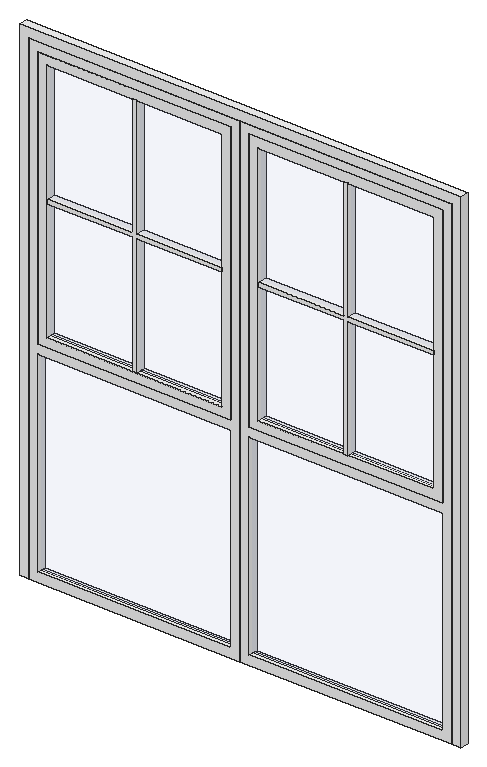
Revit family "GNW_A3-AL02-2200mm", category Doors, host Wall, Revit 2016
Family settings
  Host = Wall
  Always vertical = Yes
  Cut with Voids When Loaded = No
  Shared = No
  Room Calculation Point = No
Parameters (values of type "AL02")
  Function = Interior
  Frame Projection Ext. = 25 mm
  Frame Projection Int. = 25 mm
  Frame Width = 75 mm
  Height = 2465 mm
  Wall Closure = By host
  Width = 2200 mm
  Construction Type = "AL02"
  Bumper Rail Height = 1020 mm
  Assembly Code = ""
Reference planes
  plane 1: y = 0
  plane 2 "Center (Left/Right)": x = 0
  plane 3 "Left": x = -1100
  plane 4 "Right": x = 1100
  plane 5: z = 2465
  plane 6 "Exterior": y = 172.5
  plane 7 "Interior": y = -172.5
  plane 8: z = 1020
  plane 9: z = 1232.5
Forms (mm)
  Extrusion 1, solid, material "Aluminium"
    sketch origin (0, 172.5, 0) x (1, 0, 0) y (0, 0, 1)
      loop
        line (1100, 2465) -> (-1100, 2465) -> (-1100, 0) -> (-1055, 0) -> (-1055, 2420) -> (1055, 2420) -> (1055, 0) -> (1100, 0) -> (1100, 2465)
    from 0 to 45
  Extrusion 2, solid, material "Aluminium"
    sketch origin (0, 172.5, 0) x (1, 0, 0) y (0, 0, 1)
      loop
        line (1055, 2420) -> (0, 2420) -> (0, 0) -> (1055, 0) -> (1055, 2420)
      loop
        line (1010, 1065) -> (1010, 2375) -> (45, 2375) -> (45, 1065) -> (1010, 1065)
      loop
        line (1010, 45) -> (1010, 1020) -> (45, 1020) -> (45, 45) -> (1010, 45)
    from 0 to 45
  Extrusion 3, solid, material "Aluminium"
    sketch origin (0, 172.5, 0) x (-1, 0, 0) y (0, 0, -1)
      loop
        line (1055, -2420) -> (1055, 0) -> (0, 0) -> (0, -2420) -> (1055, -2420)
      loop
        line (1010, -1065) -> (45, -1065) -> (45, -2375) -> (1010, -2375) -> (1010, -1065)
      loop
        line (1010, -45) -> (45, -45) -> (45, -1020) -> (1010, -1020) -> (1010, -45)
    from 0 to 45
  Extrusion 4, solid, material "Glass"
    sketch origin (0, 172.5, 0) x (1, 0, 0) y (0, 0, 1)
      loop
        line (965, 2330) -> (90, 2330) -> (90, 1110) -> (965, 1110) -> (965, 2330)
      loop
        line (-90, 2330) -> (-965, 2330) -> (-965, 1110) -> (-90, 1110) -> (-90, 2330)
      loop
        line (1010, 1020) -> (45, 1020) -> (45, 45) -> (1010, 45) -> (1010, 1020)
      loop
        line (-45, 1020) -> (-1010, 1020) -> (-1010, 45) -> (-45, 45) -> (-45, 1020)
    from 17.5 to 27.5
  Extrusion 5, solid, material "Aluminium"
    sketch origin (0, 172.5, 0) x (1, 0, 0) y (0, 0, 1)
      loop
        line (1010, 2375) -> (45, 2375) -> (45, 1065) -> (1010, 1065) -> (1010, 2375)
      loop
        line (-45, 2375) -> (-1010, 2375) -> (-1010, 1065) -> (-45, 1065) -> (-45, 2375)
      loop
        line (965, 2330) -> (90, 2330) -> (90, 1110) -> (965, 1110) -> (965, 2330)
      loop
        line (-90, 2330) -> (-965, 2330) -> (-965, 1110) -> (-90, 1110) -> (-90, 2330)
    from 0 to 45
  Extrusion 6, solid, material "Aluminium"
    sketch origin (527.5, 127.5, -22.5) x (-1, 0, 0) y (0, 0, 1)
      loop
        line (-10, 2352.5) -> (-10, 1752.5) -> (-437.5, 1752.5) -> (-437.5, 1732.5) -> (-10, 1732.5) -> (-10, 1132.5) -> (10, 1132.5) -> (10, 1732.5) -> (437.5, 1732.5) -> (437.5, 1752.5) -> (10, 1752.5) -> (10, 2352.5) -> (-10, 2352.5)
      loop
        line (1045, 2352.5) -> (1045, 1752.5) -> (617.5, 1752.5) -> (617.5, 1732.5) -> (1045, 1732.5) -> (1045, 1132.5) -> (1065, 1132.5) -> (1065, 1732.5) -> (1492.5, 1732.5) -> (1492.5, 1752.5) -> (1065, 1752.5) -> (1065, 2352.5) -> (1045, 2352.5)
    from 0 to 45
Lines and regions (mm)
  Opening 1
    outline origin (-3050, -172.5, 0) x (1, 0, 0) y (0, 0, 1)
      loop
        line (1950, 0) -> (4150, 0) -> (4150, 2465) -> (1950, 2465) -> (1950, 0)
  symbolic lines, style "DoorsHiddenLines"
    curve 1: line (0, -172.5, 1232.5) -> (-1100, -172.5, 0)
    curve 2: line (0, 172.5, 1232.5) -> (-1100, 172.5, 2465)
    curve 3: line (0, -172.5, 1232.5) -> (1100, -172.5, 0)
    curve 4: line (0, 172.5, 1232.5) -> (1100, 172.5, 2465)
    curve 5: line (1010, 172.5, 2375) -> (527.5, 172.5, 1110)
    curve 6: arc (0, 172.5, 0) -> (1063.697, 1272.536, 0) -> (2127.395, 172.5, 0) r 1064.298
    curve 7: arc (0, 172.5, 0) -> (-1063.697, 1272.536, 0) -> (-2127.395, 172.5, 0) r 1064.298
    curve 14: line (45, 172.5, 2375) -> (527.5, 172.5, 1110)
    curve 15: line (-1010, 172.5, 2375) -> (-527.5, 172.5, 1110)
    curve 16: line (-45, 172.5, 2375) -> (-527.5, 172.5, 1110)
    curve 17: line (-1100, -172.5, 0) -> (1100, -172.5, 0)
  symbolic lines, style "Plan Swing"
    curve 8: line (-1100, 150, 0) -> (-1100, 1271.916, 0)
    curve 9: line (1100, 172.5, 0) -> (1100, 1271.916, 0)
    curve 10: line (1055, 172.5, 0) -> (1055, 1271.916, 0)
    curve 11: line (-1055, 150, 0) -> (-1055, 1271.916, 0)
    curve 12: line (-1100, 1271.916, 0) -> (-1055, 1271.916, 0)
    curve 13: line (1055, 1271.916, 0) -> (1100, 1271.916, 0)
Text (mm)
  text "Exterior" at (-2295.016, 1099.543, 0), in view "Ref. Level"
  text "Exterior" at (0, 1615.38, 3698.081), in view "Left"
  text "Exterior" at (0, 1036.032, 3874.932), in view "Right"
Dimensions and locks
  equal spacing: plane 3 "Left", plane 2 "Center (Left/Right)", plane 4 "Right"
  "Width": plane 3 "Left" to plane 4 "Right"
  "Height": plane 5 to host wall
  equal spacing: host wall, curve 1, plane 5
  equal spacing: host wall, curve 2, plane 5
  locked: plane 6 "Exterior" to host wall at 0
  locked: plane 7 "Interior" to host wall
  "Bumper Rail Height": level to plane 8
  equal spacing: level, plane 9, plane 5
  aligned and locked: plane 3 "Left" to Opening 1 sketch curve
  aligned and locked: plane 5 to Opening 1 sketch curve  (x2)
  aligned and locked: Opening 1 sketch curve to plane 4 "Right"
  aligned and locked: Opening 1 sketch curve to level
  aligned and locked: plane 3 "Left" to curve 1
  aligned and locked: plane 1 to host wall
  aligned: Extrusion 4 to Extrusion 6  (x4)
Automatic sketch dimensions
  curve 2 to plane 3 "Left" = 0 mm
  curve 2 to plane 5 = 0 mm
  curve 1 to level = 0 mm
  curve 2 to plane 2 "Center (Left/Right)" = 0 mm
  curve 1 to plane 2 "Center (Left/Right)" = 0 mm
  curve 3 to plane 2 "Center (Left/Right)" = 0 mm
  curve 3 to level = 0 mm
  curve 3 to plane 4 "Right" = 0 mm
  curve 3 to plane 9 = 0 mm
  curve 4 to plane 4 "Right" = 0 mm
  curve 4 to plane 2 "Center (Left/Right)" = 0 mm
  curve 4 to plane 9 = 0 mm
  curve 4 to plane 5 = 0 mm
  Extrusion 1 sketch curve to level = 0 mm  (x2)
  Extrusion 1 sketch curve to plane 3 "Left" = 0 mm
  Extrusion 1 sketch curve to plane 4 "Right" = 0 mm
  Extrusion 1 sketch curve to plane 5 = 0 mm
  Extrusion 1 sketch curve to plane 3 "Left" = 45 mm
  Extrusion 1 sketch curve to Extrusion 1 sketch curve = 45 mm
  plane 5 to Extrusion 1 sketch curve = 45 mm
  Extrusion 2 sketch curve to plane 2 "Center (Left/Right)" = 0 mm
  Extrusion 2 sketch curve to level = 0 mm
  plane 2 "Center (Left/Right)" to Extrusion 2 sketch curve = 45 mm
  Extrusion 2 sketch curve to Extrusion 2 sketch curve = 0 mm  (x2)
  Extrusion 2 sketch curve to plane 8 = 0 mm
  plane 4 "Right" to Extrusion 2 sketch curve = 90 mm
  plane 8 to Extrusion 2 sketch curve = 45 mm
  plane 4 "Right" to Extrusion 2 sketch curve = 45 mm
  level to Extrusion 2 sketch curve = 45 mm
  plane 5 to Extrusion 2 sketch curve = 90 mm
  plane 5 to Extrusion 2 sketch curve = 45 mm
  Extrusion 3 sketch curve to plane 2 "Center (Left/Right)" = 0 mm
  Extrusion 3 sketch curve to level = 0 mm
  plane 2 "Center (Left/Right)" to Extrusion 3 sketch curve = 45 mm
  Extrusion 3 sketch curve to Extrusion 3 sketch curve = 0 mm  (x2)
  plane 8 to Extrusion 3 sketch curve = 0 mm
  plane 3 "Left" to Extrusion 3 sketch curve = 90 mm
  plane 3 "Left" to Extrusion 3 sketch curve = 45 mm
  Extrusion 3 sketch curve to level = 45 mm
  Extrusion 3 sketch curve to plane 8 = 45 mm
  Extrusion 3 sketch curve to plane 5 = 90 mm
  Extrusion 3 sketch curve to plane 5 = 45 mm
  Extrusion 5 sketch curve to plane 3 "Left" = 90 mm
  Extrusion 5 sketch curve to plane 2 "Center (Left/Right)" = 45 mm
  plane 2 "Center (Left/Right)" to Extrusion 5 sketch curve = 45 mm
  plane 8 to Extrusion 5 sketch curve = 45 mm  (x2)
  plane 4 "Right" to Extrusion 5 sketch curve = 90 mm
  plane 5 to Extrusion 5 sketch curve = 90 mm  (x2)
  Extrusion 5 sketch curve to Extrusion 5 sketch curve = 45 mm  (x8)
  Extrusion 4 sketch curve to plane 8 = 0 mm  (x2)
  Extrusion 4 sketch curve to plane 3 "Left" = 90 mm
  Extrusion 4 sketch curve to Extrusion 4 sketch curve = 45 mm
  Extrusion 4 sketch curve to plane 2 "Center (Left/Right)" = 90 mm
  Extrusion 4 sketch curve to plane 2 "Center (Left/Right)" = 45 mm
  plane 2 "Center (Left/Right)" to Extrusion 4 sketch curve = 45 mm
  plane 2 "Center (Left/Right)" to Extrusion 4 sketch curve = 90 mm
  plane 4 "Right" to Extrusion 4 sketch curve = 135 mm
  plane 4 "Right" to Extrusion 4 sketch curve = 90 mm
  level to Extrusion 4 sketch curve = 45 mm  (x2)
  plane 8 to Extrusion 4 sketch curve = 90 mm  (x2)
  plane 5 to Extrusion 4 sketch curve = 135 mm  (x2)
  curve 7 to host wall = 0 mm
  curve 17 to host wall = 0 mm
  curve 17 to plane 3 "Left" = 0 mm
  curve 8 to plane 3 "Left" = 0 mm
  curve 6 to host wall = 0 mm  (x2)
  curve 6 to plane 2 "Center (Left/Right)" = 0 mm
  curve 10 to host wall = 0 mm
  curve 9 to host wall = 0 mm
  curve 9 to plane 4 "Right" = 0 mm
  curve 17 to plane 4 "Right" = 0 mm
  plane 3 "Left" to curve 7 = 1027.395 mm
  curve 12 to plane 3 "Left" = 45 mm
  curve 10 to curve 9 = 45 mm
  plane 4 "Right" to curve 6 = 36.303 mm
  curve 8 to host wall = 22.5 mm
  curve 11 to host wall = 22.5 mm
  host wall to curve 6 = 35.738 mm
  host wall to curve 7 = 35.738 mm
  curve 15 to plane 3 "Left" = 90 mm
  plane 8 to curve 15 = 90 mm
  curve 15 to plane 2 "Center (Left/Right)" = 527.5 mm
  curve 16 to plane 2 "Center (Left/Right)" = 45 mm
  plane 2 "Center (Left/Right)" to curve 14 = 45 mm
  plane 8 to curve 14 = 90 mm
  plane 2 "Center (Left/Right)" to curve 14 = 527.5 mm
  plane 4 "Right" to curve 5 = 90 mm
  plane 5 to curve 15 = 90 mm
  plane 5 to curve 16 = 90 mm
  curve 14 to curve 16 = 0 mm
  plane 5 to curve 5 = 90 mm
  plane 4 "Right" to Extrusion 6 sketch curve = 135 mm
  Extrusion 6 sketch curve to Extrusion 6 sketch curve = 427.5 mm  (x2)
  plane 8 to Extrusion 6 sketch curve = 90 mm  (x2)
  plane 2 "Center (Left/Right)" to Extrusion 6 sketch curve = 537.5 mm
  Extrusion 6 sketch curve to Extrusion 6 sketch curve = 20 mm  (x8)
  plane 2 "Center (Left/Right)" to Extrusion 6 sketch curve = 90 mm
  Extrusion 6 sketch curve to plane 2 "Center (Left/Right)" = 90 mm
  Extrusion 6 sketch curve to plane 2 "Center (Left/Right)" = 517.5 mm
  Extrusion 6 sketch curve to plane 3 "Left" = 135 mm
  plane 9 to Extrusion 6 sketch curve = 477.5 mm  (x2)
  Extrusion 6 sketch curve to Extrusion 6 sketch curve = 0 mm  (x2)
  plane 5 to Extrusion 6 sketch curve = 135 mm  (x2)
